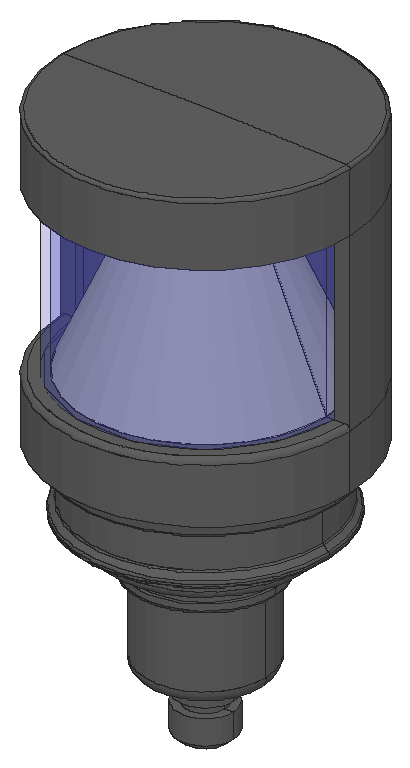
Revit family "99853_HOST_FACE", category Lighting Fixtures, host Face, Revit 2018
Family settings
  Host = Face
  Round Connector Dimension = Use Diameter
  Part Type = Normal
  Cut with Voids When Loaded = Yes
  Light Source = Yes
  Shared = No
  Room Calculation Point = No
Parameters (values of type "LED System Bollard")
  Wattage = 1.73688 W
  built-in parameter 1150110 = 1 (stored number, unit not read)
  URL = "www.bega-us.com"
  built-in parameter 1114217 = 1 (stored number, unit not read)
  Tilt Angle = 0.00°
  built-in parameter 1150109 = 1 (stored number, unit not read)
  built-in parameter 1150134 = (empty or 0)
  Telephone = "805.684.0533"
  built-in parameter 1150113 = 1 (stored number, unit not read)
  Photometric Web File = "99853.ies"
  Model = "99 853"
  Manufacturer = "BEGA-US"
  built-in parameter 1150105 = 20.531 (stored number, unit not read)
  Lumens = 258 lm
  built-in parameter 1150115 = 1 (stored number, unit not read)
  built-in parameter 1150137 = (empty or 0)
  built-in parameter 1150139 = (empty or 0)
  built-in parameter 1150112 = 1 (stored number, unit not read)
  built-in parameter 1150114 = 1 (stored number, unit not read)
  Lamp = "9.0W LED"
  built-in parameter 1150132 = 2
  built-in parameter 1150102 = (empty or 0)
  built-in parameter 1150107 = 3000 (stored number, unit not read)
  built-in parameter 1150138 = (empty or 0)
  built-in parameter 1150106 = 0.20531 (stored number, unit not read)
  built-in parameter 1150104 = 13.8 (stored number, unit not read)
  Dimming Lamp Color Temperature Shift = <None>
  Description = "BEGA LED system bollards - shielded 180°"
  Default Elevation = 0' - 0"
  Color Filter = 16777215
  built-in parameter 1114218 = 1 (stored number, unit not read)
  built-in parameter 1150133 = 10 (stored number, unit not read)
Types (5): name | Wattage | Tilt Angle | built-in parameter 1150134 | Photometric Web File | Model | built-in parameter 1150105 | Lumens | Lamp | built-in parameter 1150107 | built-in parameter 1150106 | Description | Default Elevation
  (no name) | 1.73688 W | 0.00° | (empty or 0) | "99853.ies" | "99 853" | 20.531 (stored number, unit not read) | 258 lm | "9.0W LED" | 3000 (stored number, unit not read) | 0.20531 (stored number, unit not read) | "BEGA LED system bollards - shielded 180°" | 0' - 0"
  Wall Luminaires - Directed Light | 18.4392 W | 90.00° | (empty or 0) | "generic" | "2260LED" | 217.96 (stored number, unit not read) | 2739 lm | "44.6W LED" | 3000 (stored number, unit not read) | 2.1796 (stored number, unit not read) | "Surface wall with cutoff optics" | 6' - 0"
  Wall Luminaires - Linear | 9.92985 W | 90.00° | 9 | "generic" | "4425P" | 117.38 (stored number, unit not read) | 1475 lm | "(1) 39W CF twin-4-p" | 3450 (stored number, unit not read) | 1.1738 (stored number, unit not read) | "Suface wall - linear with white acrylic diffuser" | 6' - 0"
  Ceiling and Wall Luminaires - Unshielded | 2.66591 W | 90.00° | (empty or 0) | "33508.ies" | "33 508" | 31.513 (stored number, unit not read) | 396 lm | "8.4W LED" | 3000 (stored number, unit not read) | 0.31513 (stored number, unit not read) | "LED ceiling and wall luminaires - impact resistant" | 6' - 0"
  LED System Bollard | 1.73688 W | 0.00° | (empty or 0) | "99853.ies" | "99 853" | 20.531 (stored number, unit not read) | 258 lm | "9.0W LED" | 3000 (stored number, unit not read) | 0.20531 (stored number, unit not read) | "BEGA LED system bollards - shielded 180°" | 0' - 0"
Reference planes (in)
  plane 1 "Center (Front/Back)": y = 0
  plane 2: z = 0
  plane 3 "Center (Left/Right)": x = 0
Dimensions and locks (in)
  aligned and locked: plane 2 to host face
  aligned and locked: level to host face
Nested families (in)
  nested 1: "99853" at (0, 0, 0), type "99853"
Connectors (in)
  electrical at (0, 0, 0)
    settings: on host face, index 1, voltage 0 V, apparent load 0 VA, apparent load phase1 0 VA, apparent load phase2 0 VA, apparent load phase3 0 VA, power factor 1, load classification "Other", number of poles 1, system type 31, power factor state 1, is connector primary yes, connector utility no, sub classification motor no, connector description ""
Definition of nested family "99853"
  Reference planes (in)
    plane 1 "Center (Front/Back)": y = 0
    plane 2: z = 0
    plane 3 "Center (Left/Right)": x = 0
  Forms (in)
    Revolve 1, solid
      sketch origin (0, 0, 0) x (1, 0, 0) y (0, 0, 1)
        loop
          line (0, 5.6228) -> (-2.70041, 5.57441)
          arc (-2.70041, 5.57441) -> (-2.74049, 5.55718) -> (-2.757, 5.5168) r 0.05762
          line (-2.757, 5.5168) -> (-2.757, 4.3867) -> (-2.4603, 4.3867) -> (-2.4603, 4.7883) -> (-2.26021, 4.7883) -> (-2.26021, 5.33479) -> (0, 5.33479) -> (0, 5.6228)
        axis (0, 5.6228) -> (0, 4.3867)
      angle from 0 to 360
    Revolve 2, solid
      sketch origin (0, 0, 0) x (1, 0, 0) y (0, 0, 1)
        loop
          line (-2.4603, 4.7883) -> (-2.4603, 1.1471) -> (-2.30851, 1.1471) -> (-2.30851, 4.7883) -> (-2.4603, 4.7883)
        axis (0, 4.7883) -> (0, 1.1471)
      angle from 0 to 360
    Revolve 3, solid
      sketch origin (0, 0, 0) x (1, 0, 0) y (0, 0, 1)
        loop
          line (-2.4603, 1.1471) -> (-2.65598, 1.1471)
          arc (-2.65598, 1.1471) -> (-2.72741, 1.11751) -> (-2.757, 1.04608) r 0.10102
          line (-2.757, 1.04608) -> (-2.757, 0) -> (-2.57431, 0)
          arc (-2.57431, 0) -> (-2.55337, -0.0074) -> (-2.54172, -0.02631) r 0.03335
          line (-2.54172, -0.02631) -> (-2.48452, -0.29114)
          arc (-2.48452, -0.29114) -> (-2.47156, -0.31217) -> (-2.44827, -0.3204) r 0.03709
          line (-2.44827, -0.3204) -> (-2.26669, -0.3204)
          arc (-2.26669, -0.3204) -> (-2.2498, -0.3274) -> (-2.2428, -0.34429) r 0.02389
          line (-2.2428, -0.34429) -> (-2.2428, -1.02799)
          arc (-2.2428, -1.02799) -> (-2.2466, -1.04876) -> (-2.25749, -1.06685) r 0.05872
          line (-2.25749, -1.06685) -> (-2.3428, -1.16351)
          arc (-2.3428, -1.16351) -> (-2.35667, -1.18653) -> (-2.3615, -1.21296) r 0.07473
          line (-2.3615, -1.21296) -> (-2.3615, -1.25327)
          arc (-2.3615, -1.25327) -> (-2.35493, -1.26913) -> (-2.33907, -1.2757) r 0.02243
          line (-2.33907, -1.2757) -> (-1.86253, -1.2757)
          arc (-1.86253, -1.2757) -> (-1.84617, -1.28247) -> (-1.8394, -1.29883) r 0.02313
          line (-1.8394, -1.29883) -> (-1.8394, -1.62887)
          arc (-1.8394, -1.62887) -> (-1.79455, -1.73715) -> (-1.68627, -1.782) r 0.15313
          line (-1.68627, -1.782) -> (-1.31887, -1.782)
          arc (-1.31887, -1.782) -> (-1.287, -1.7952) -> (-1.2738, -1.82707) r 0.04507
          line (-1.2738, -1.82707) -> (-1.2738, -2.1162) -> (0, -2.1162) -> (0, 1.1471) -> (-2.4603, 1.1471)
        axis (0, 1.1471) -> (0, -2.1162)
      angle from 0 to 360
    Revolve 4, solid
      sketch origin (0, 0, 0) x (1, 0, 0) y (0, 0, 1)
        loop
          line (0, -2.1162) -> (-1.3389, -2.1162) -> (-1.3389, -2.23218)
          arc (-1.3389, -2.23218) -> (-1.32653, -2.26203) -> (-1.29668, -2.2744) r 0.04222
          line (-1.29668, -2.2744) -> (-1.2079, -2.2744)
          arc (-1.2079, -2.2744) -> (-1.17191, -2.28931) -> (-1.157, -2.3253) r 0.0509
          line (-1.157, -2.3253) -> (-1.157, -3.7154)
          arc (-1.157, -3.7154) -> (-1.08378, -3.89218) -> (-0.907, -3.9654) r 0.25
          line (-0.907, -3.9654) -> (-0.57582, -3.9654)
          arc (-0.57582, -3.9654) -> (-0.54908, -3.97648) -> (-0.538, -4.00322) r 0.03782
          line (-0.538, -4.00322) -> (-0.538, -4.33288) -> (-0.37133, -4.33288) -> (-0.37133, -4.5196) -> (-0.538, -4.5196) -> (-0.538, -4.98261) -> (-0.46469, -5.00226)
          arc (-0.46469, -5.00226) -> (-0.43089, -5.08386) -> (-0.34928, -5.11766) r 0.1154
          line (-0.34928, -5.11766) -> (0, -5.11766) -> (0, -2.1162)
        axis (0, -2.1162) -> (0, -5.11766)
      angle from 0 to 360
    Revolve 5, solid
      sketch origin (0, 0, 0) x (1, 0, 0) y (0, 0, 1)
        loop
          line (-2.29824, 4.5054) -> (-1.8736, 4.5054)
          arc (-1.8736, 4.5054) -> (-1.3194, 4.91618) -> (-0.6727, 5.1563) r 2.45152
          line (-0.6727, 5.1563) -> (-0.3937, 5.1563)
          arc (-0.3937, 5.1563) -> (-0.50869, 4.75489) -> (-0.81, 4.4658) r 0.80144
          line (-0.81, 4.4658) -> (-2.30851, 1.1471) -> (-2.19707, 1.1471) -> (-0.73095, 4.39407)
          arc (-0.73095, 4.39407) -> (-0.38835, 4.76291) -> (-0.29646, 5.25786) r 0.903
          line (-0.29646, 5.25786) -> (-0.68352, 5.25786)
          arc (-0.68352, 5.25786) -> (-1.3444, 5.018) -> (-1.9148, 4.60696) r 2.55308
          line (-1.9148, 4.60696) -> (-2.29824, 4.60696) -> (-2.29824, 4.5054)
        axis (0, 5.25786) -> (0, 1.1471)
      angle from 0 to 360
    Revolve 6, solid
      sketch origin (0, 0, 0) x (1, 0, 0) y (0, 0, 1)
        loop
          line (-2.66133, 1.1471) -> (-2.46706, 1.1471) -> (-2.46706, 4.3867) -> (-2.757, 4.3867) -> (-2.757, 1.05143)
          arc (-2.757, 1.05143) -> (-2.72898, 1.11908) -> (-2.66133, 1.1471) r 0.09567
        axis (0, 4.3867) -> (0, 1.05143)
      angle from 0 to 180
  Lines and regions (in)
    reference lines
      curve 1: line (2.4603, 0, 4.3867) -> (2.4603, 0, 4.5054)
  Dimensions and locks (in)
    aligned and locked: plane 2 to level
